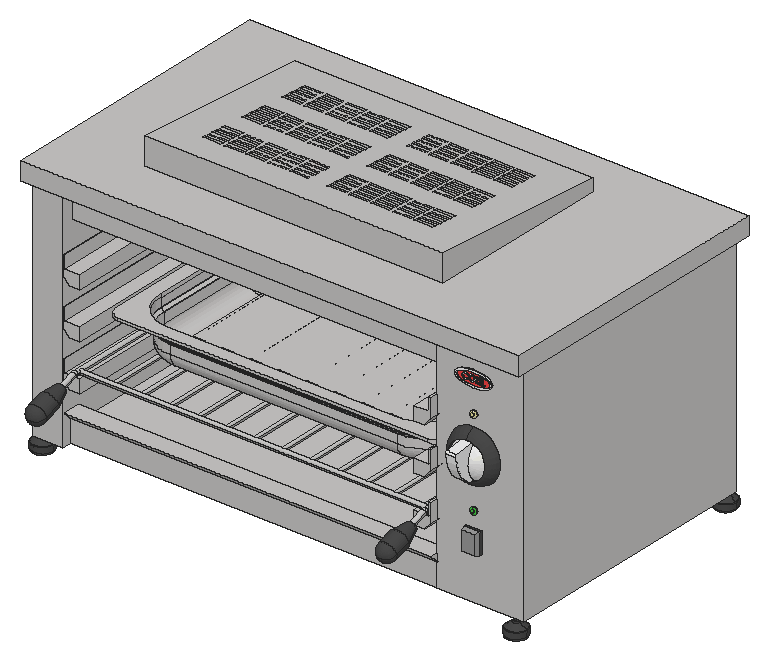
Revit family "QF_COZIL_SLEC-80", category Equipamento especial, Revit 2020 (continued)
Definition of nested family "Led Verde"
  Reference planes
    plane 1 "Centro (Frontal/Traseira)": y = 0
    plane 2: z = 0
    plane 3 "Centro (Esquerda/Direita)": x = 0
  Forms (mm)
    Revolve 1, solid
      sketch origin (0, 0, 5) x (0, 0, 1) y (0, -1, 0)
        loop
          line (0, 0) -> (0, 3) -> (-3.5, 3)
          arc (-3.5, 3) -> (-4.561, 2.561) -> (-5, 1.5) r 1.5
          line (-5, 1.5) -> (-5, 0) -> (0, 0)
        axis (0, 0) -> (0, 3)
      angle from 0 to 360
  Dimensions and locks
    aligned and locked: level to plane 2
Definition of nested family "LOGOTIPO COZIL MENOR"
  Parameters (values of type "LOGOTIPO COZIL MENOR")
    Weight [instance] = 0.00 kg
    Watts [instance] = 0 W
    Waste Water Discharge Temperature [instance] = -273.15 °C
    Waste Remarks [instance] = ""
    Warranty Start Date [instance] = ""
    Warranty Duration [instance] = ""
    Volts [instance] = 0 V
    Volt Free Conn [instance] = yes
    Ventilation Remarks [instance] = ""
    URL Recommended Spares List [instance] = ""
    URL Manufacturer [instance] = ""
    URL Cutsheet [instance] = ""
    URL Critical Spares List [instance] = ""
    Default Elevation = 0 mm
    Type Comments = "USA_IFSE_SharedParameters_Dummy_V07_21"
    Technical Documentation [instance] = ""
    Tag Number [instance] = ""
    Steam type [instance] = ""
    Steam Supply Volume [instance] = 0.0 m³/h
    Steam Supply Size [instance] = 0 mm
    Steam Supply RI Height [instance] = 0 mm
    Steam Supply Minimum Pressure [instance] = 0.0 Pa
    Steam Supply Maximum Pressure [instance] = 0.0 Pa
    Steam Supply Connection Height [instance] = 0 mm
    Steam Remarks [instance] = ""
    Steam Pounds per Hour [instance] = 0
    Status [instance] = ""
    Start Up Current [instance] = 0 A
    Specification by User [instance] = ""
    Specification by Manufacturer [instance] = ""
    Sound Level [instance] = ""
    Solid Fuel Type [instance] = ""
    Show Logo [instance] = yes
    Show Clearances [instance] = yes
    Service Life Duration [instance] = ""
    Serial Number [instance] = ""
    Sensible Heat Output [instance] = 0 Btu/h
    Seismic Rating [instance] = ""
    SMACNA No [instance] = ""
    Revision Code [instance] = ""
    Revision [instance] = ""
    Refrigeration Working Pressure [instance] = 0.0 Pa
    Refrigeration Suction Line Size [instance] = 0 mm
    Refrigeration Liquid Line Size [instance] = 0 mm
    Refrigeration Evaporation Temperature [instance] = -273.15 °C
    Refrigeration Energy Efficiency Index [instance] = ""
    Refrigeration Defrost Drain [instance] = yes
    Refrigeration Climate Class [instance] = ""
    Refrigerant Type [instance] = ""
    Refrigerant Mass [instance] = 0
    Refrigerant Flow [instance] = 0.0 m³/h
    Refrigerant Compressor Remote [instance] = yes
    Production Year [instance] = ""
    Preheated Hot Water Temperature Recommended [instance] = -273.15 °C
    Preheated Hot Water Size [instance] = 0 mm
    Preheated Hot Water RI Height [instance] = 0 mm
    Preheated Hot Water Quality [instance] = ""
    Preheated Hot Water Minimum Pressure [instance] = 0.0 Pa
    Preheated Hot Water Maximum Pressure [instance] = 0.0 Pa
    Preheated Hot Water Flow [instance] = 0.0 m³/h
    Preheated Hot Water Connection Height [instance] = 0 mm
    Potential Equalisation [instance] = yes
    Point Load [instance] = 0
    Plumbing Remarks [instance] = ""
    Plumbing Connection Type [instance] = ""
    Phase [instance] = 0
    Other Equipment Approvals [instance] = ""
    Operational Current [instance] = 0 A
    Odor Trap Included [instance] = yes
    Number of Poles [instance] = 1
    No Load Power Draw [instance] = yes
    National Water Regulation Certification [instance] = yes
    NAFEM Spec ID Number [instance] = ""
    Model Warning [instance] = ""
    Min Ckt Ampacity [instance] = 0 A
    Mechanical Remarks [instance] = ""
    Mechanical Connection Type [instance] = ""
    Max Overcurrent Protection [instance] = 0 A
    Masterspec [instance] = ""
    Main switch integrated [instance] = yes
    MU Air Volume [instance] = 0.0 L/s
    MU Air Vent Width [instance] = 0 mm
    MU Air Vent Diameter [instance] = 0 mm
    MU Air Vent Depth [instance] = 0 mm
    MU Air Static Press [instance] = 0.0 Pa
    MU Air Speed at Spigot [instance] = 0.0 L/s
    MU Air RI Height [instance] = 0 mm
    Length Actual [instance] = 0 mm
    Latent Heat Output [instance] = 0 Btu/h
    Item Number [instance] = ""
    Installed By [instance] = ""
    Installation Date [instance] = ""
    Ingress Protection Code [instance] = ""
    Indirect Waste Size [instance] = 0 mm
    Indirect Waste Flow [instance] = 0.0 m³/h
    Indirect Waste Connection Type [instance] = ""
    Indirect Waste Connection Height [instance] = 0 mm
    Identify Quantity as Lot [instance] = yes
    ID [instance] = ""
    Hygiene Approval [instance] = ""
    Hot Water Temperature [instance] = -273.15 °C
    Hot Water Supply Temperature [instance] = -273.15 °C
    Hot Water Size [instance] = 0 mm
    Hot Water RI Height [instance] = 0 mm
    Hot Water Quality [instance] = ""
    Hot Water Minimum Pressure [instance] = 0.0 Pa
    Hot Water Maximum Pressure [instance] = 0.0 Pa
    Hot Water Flow [instance] = 0.0 m³/h
    Hot Water Consumption [instance] = ""
    Hot Water Connection Height [instance] = 0 mm
    Height Actual [instance] = 0 mm
    HP [instance] = ""
    Gas Size Flexible [instance] = 0 mm
    Gas Size Fixed [instance] = 0 mm
    Gas Size [instance] = 0 mm
    Gas RI Height [instance] = 0 mm
    Gas Input [instance] = 0 Btu/h
    Gas Flow [instance] = 0.0 m³/h
    Gas Connection Height [instance] = 0 mm
    Furnished By [instance] = ""
    Fuel Type [instance] = ""
    Foodservice Equipment Identifier [instance] = yes
    Flue Type [instance] = ""
    Filtered Treated Water Supply Size [instance] = 0 mm
    Filtered Treated Water Recommended Temperature [instance] = -273.15 °C
    Filtered Treated Water RI Height [instance] = 0 mm
    Filtered Treated Water Quality [instance] = ""
    Filtered Treated Water Minimum Pressure [instance] = 0.0 Pa
    Filtered Treated Water Maximum Pressure [instance] = 0.0 Pa
    Filtered Treated Water Flow [instance] = 0.0 m³/h
    Filtered Treated Water Consumption [instance] = ""
    Filtered Treated Water Connection Height [instance] = 0 mm
    FL Amps [instance] = 0 A
    Exhaust Volume [instance] = 0.0 L/s
    Exhaust Vent Width [instance] = 0 mm
    Exhaust Vent Height [instance] = 0 mm
    Exhaust Vent Diameter [instance] = 0 mm
    Exhaust Vent Depth [instance] = 0 mm
    Exhaust Static Press [instance] = 0.0 Pa
    Exhaust Speed at Spigot [instance] = 0.0 L/s
    Exhaust RI Height [instance] = 0 mm
    Exhaust Air Temperature [instance] = -273.15 °C
    Exhaust Air Humidity [instance] = 0
    Energy Efficiency Labelling [instance] = ""
    Electrical Remarks [instance] = ""
    Electric Connection Type [instance] = ""
    Elec Conn RI Height [instance] = 0 mm
    Elec Conn Connection Height [instance] = 0 mm
    Earth Leakage Switch necessary [instance] = yes
    Earth Leakage Switch Type [instance] = ""
    ETL Approved [instance] = yes
    Direct Waste Size [instance] = 0 mm
    Direct Waste RI Height [instance] = 0 mm
    Direct Waste Flow [instance] = 0.0 m³/h
    Direct Waste Connection Height [instance] = 0 mm
    Direct Heat Output [instance] = 0 Btu/h
    Digital Connectivity Description [instance] = ""
    Depth Actual [instance] = 0 mm
    Cycle [instance] = 0 Hz
    Connection to energy optimisation system [instance] = yes
    Conn Plug [instance] = ""
    Conn Conduit [instance] = yes
    Condensate Return Size [instance] = 0 mm
    Condensate Return RI Height [instance] = 0 mm
    Condensate Return Connection Height [instance] = 0 mm
    Compressed Air Volume [instance] = 0.0 m³/h
    Compressed Air Size [instance] = 0 mm
    Compressed Air RI Height [instance] = 0 mm
    Compressed Air Quality [instance] = ""
    Compressed Air Pressure [instance] = 0.0 Pa
    Compressed Air Connection Height [instance] = 0 mm
    Cold Water Temperature Recommended [instance] = -273.15 °C
    Cold Water Size [instance] = 0 mm
    Cold Water RI Height [instance] = 0 mm
    Cold Water Quality [instance] = ""
    Cold Water Minimum Pressure [instance] = 0.0 Pa
    Cold Water Maximum Pressure [instance] = 0.0 Pa
    Cold Water Flow [instance] = 0.0 m³/h
    Cold Water Consumption [instance] = ""
    Cold Water Connection Height [instance] = 0 mm
    Chilled Water Temperature [instance] = -273.15 °C
    Chilled Water Supply Size [instance] = 0 mm
    Chilled Water Supply RI Height [instance] = 0 mm
    Chilled Water Supply Quality [instance] = ""
    Chilled Water Supply Maximum Temperature [instance] = -273.15 °C
    Chilled Water Supply Connection Height [instance] = 0 mm
    Chilled Water Return Size [instance] = 0 mm
    Chilled Water Return RI Height [instance] = 0 mm
    Chilled Water Return Minimum Pressure [instance] = 0.0 Pa
    Chilled Water Return Maximum Pressure [instance] = 0.0 Pa
    Chilled Water Return Connection Height [instance] = 0 mm
    Chilled Water Minimum Pressure [instance] = 0.0 Pa
    Chilled Water Maximum Pressure [instance] = 0.0 Pa
    Chilled Water Flow [instance] = 0.0 m³/h
    CSI MasterFormat [instance] = ""
    CO2 Volume [instance] = 0.0 m³/h
    CO2 Size [instance] = 0 mm
    CO2 RI Height [instance] = 0 mm
    CO2 Pressure [instance] = 0.0 Pa
    CO2 Connection Height [instance] = 0 mm
    CE Approved [instance] = yes
    Barcode [instance] = ""
    BTUH [instance] = 0 Btu/h
    Author [instance] = ""
    Asset Identifier [instance] = ""
    Apparent Power [instance] = 0 VA
    Accessory [instance] = yes
    Ability for Digital Connectivity [instance] = yes
  Reference planes
    plane 1 "Centro (Frontal/Traseira)": y = 0
    plane 2: z = 0
    plane 3 "Centro (Esquerda/Direita)": x = 0
  Forms (mm)
    Extrusion 1, solid
      sketch origin (0, 0, 0) x (1, 0, 0) y (0, 0, 1)
        loop
          spline (-29.554, 0) -> (-28.547, -3.138) -> (-25.594, -6.062) -> (-20.898, -8.573) -> (-14.777, -10.5) -> (-7.649, -11.711) -> (0, -12.125) -> (7.649, -11.711) -> (14.777, -10.5) -> (20.898, -8.573) -> (25.594, -6.062) -> (28.547, -3.138) -> (29.554, 0)
          spline (29.554, 0) -> (28.547, 3.138) -> (25.594, 6.062) -> (20.898, 8.573) -> (14.777, 10.5) -> (7.649, 11.711) -> (0, 12.125) -> (-7.649, 11.711) -> (-14.777, 10.5) -> (-20.898, 8.573) -> (-25.594, 6.062) -> (-28.547, 3.138) -> (-29.554, 0)
        loop
          spline (-27.28, 0) -> (-26.351, -2.55) -> (-23.625, -4.926) -> (-19.29, -6.966) -> (-13.64, -8.531) -> (-7.061, -9.516) -> (0, -9.851) -> (7.061, -9.516) -> (13.64, -8.531) -> (19.29, -6.966) -> (23.625, -4.926) -> (26.351, -2.55) -> (27.28, 0)
          spline (27.28, 0) -> (26.351, 2.55) -> (23.625, 4.926) -> (19.29, 6.966) -> (13.64, 8.531) -> (7.061, 9.516) -> (0, 9.851) -> (-7.061, 9.516) -> (-13.64, 8.531) -> (-19.29, 6.966) -> (-23.625, 4.926) -> (-26.351, 2.55) -> (-27.28, 0)
      from 0 to 2
    Extrusion 2, solid
      sketch origin (0, 0, 0) x (-1, 0, 0) y (0, 0, 1)
        loop
          spline (27.28, 0) -> (26.351, 2.55) -> (23.625, 4.926) -> (19.29, 6.967) -> (13.64, 8.533) -> (7.061, 9.517) -> (0, 9.853) -> (-7.061, 9.517) -> (-13.64, 8.533) -> (-19.29, 6.967) -> (-23.625, 4.926) -> (-26.351, 2.55) -> (-27.28, 0)
          spline (-27.28, 0) -> (-26.351, -2.55) -> (-23.625, -4.926) -> (-19.29, -6.967) -> (-13.64, -8.533) -> (-7.061, -9.517) -> (0, -9.853) -> (7.061, -9.517) -> (13.64, -8.533) -> (19.29, -6.967) -> (23.625, -4.926) -> (26.351, -2.55) -> (27.28, 0)
      from 0 to -1
    Extrusion 3, solid
      sketch origin (0, -1, 0) x (1, 0, 0) y (0, 0, 1)
        loop
          arc (-8.665, 3.23) -> (-17.767, 0.329) -> (-8.665, -2.572) r 5.014
          line (-8.665, -2.572) -> (-9.355, -2.082)
          arc (-9.355, -2.082) -> (-16.922, 0.333) -> (-9.355, 2.748) r 4.169
          line (-9.355, 2.748) -> (-8.665, 3.23)
        loop
          circle (-2.19, 0.368) r 3.959
        loop
          circle (-2.216, 0.363) r 4.94
        loop
          line (4.126, 5.064) -> (4.126, 4.089) -> (7.658, 4.089) -> (3.733, -4.328) -> (8.887, -4.328) -> (8.887, -3.397) -> (5.059, -3.397) -> (9.004, 5.064) -> (4.126, 5.064)
        loop
          line (10.865, 5.002) -> (10.865, -4.328) -> (11.678, -4.328) -> (11.678, 5.002) -> (10.865, 5.002)
        loop
          line (14.083, 5.002) -> (14.083, -4.328) -> (18.527, -4.328) -> (18.527, -3.405) -> (14.909, -3.405) -> (14.909, 5.002) -> (14.083, 5.002)
      from 0 to 1
  Cuts and joins
    joined: Extrusion 1, Extrusion 3
  Dimensions and locks
    Extrusion 1 sketch curve to Extrusion 1 sketch curve = 59.107 mm
    Extrusion 1 sketch curve to Extrusion 1 sketch curve = 24.249 mm
    Extrusion 1 sketch curve to Extrusion 1 sketch curve = 54.561 mm
    Extrusion 1 sketch curve to Extrusion 1 sketch curve = 19.702 mm
    aligned and locked: level to plane 2
